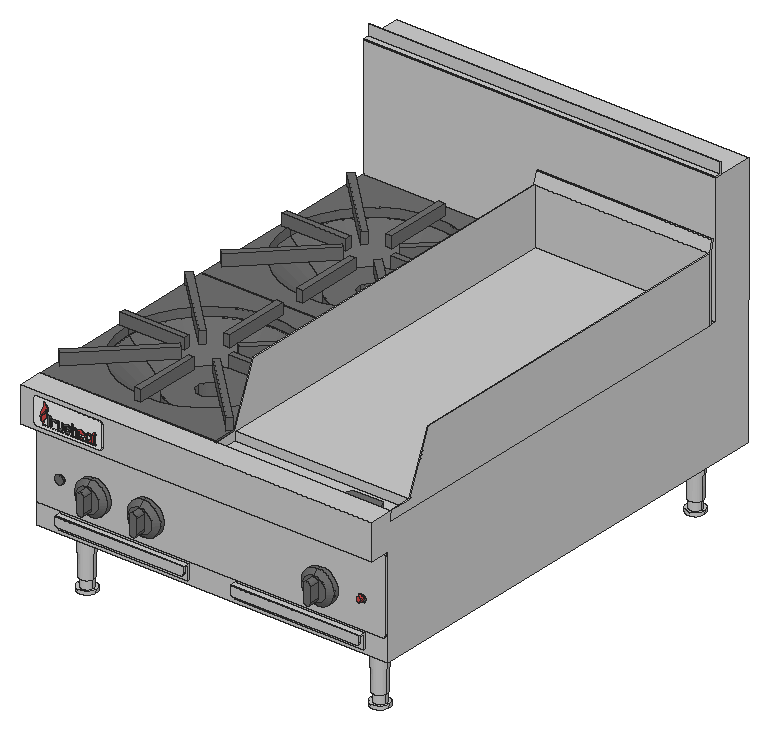
Revit family "QF_COMCATER ALL BRANDS_RCT6-2-3G", category Specialty Equipment, Revit 2014
Parameters (values of type "RCT6-2-3G_Natural Gas")
  URL Cutsheet = ""
  URL = ""
  Type Comments = "The Australian owned and designed* Trueheat RC Series of Gas Cooking Equipment has been developed for the restaurant and cafe market with a high quality finish, designed to fulfill the busy demands within a commercial kitchen.\r\nPowerful 24MJ/hr open burners with individual standing pilots included.\r\n100% Flame failure controls included as standard. Matt finish Euro look cast iron trivets radiate heat and design makes it easy to move pots around the surface.\r\n16mm thick steel griddle plate with 22.5MJ/hr burner per 300mm section.\r\nNote: Griddle is convertible to left hand side. Additional charges apply."
  Status [instance] = ""
  Specification by User [instance] = ""
  Specification by Manufacturer [instance] = ""
  Seismic Rating = ""
  SMACNA No = ""
  Revision Code [instance] = ""
  Nominal Gas power = 15400 W
  NAFEM Spec ID Number = ""
  Model = "RCT6-2-3G"
  Mechanical Connection Type [instance] = " "
  Masterspec = ""
  Manufacturer = "TRUEHEAT"
  Length Actual = 600 mm
  Item Number [instance] = ""
  Installed By [instance] = ""
  Identify Quantity as Lot [instance] = no
  Height Actual = 455 mm
  Gas power kW = 15.4
  Gas Size Flexible = 0 mm
  Gas Size = 19.05 mm
  Gas RI Height [instance] = 0 mm
  Gas Flow = 0.0 L/s
  Gas Connection Height [instance] = 115 mm
  Furnished By [instance] = ""
  Foodservice Equipment Identifier [instance] = yes
  Description = "2 BURNER COMBINATION MODULAR TOP"
  Depth Actual = 803 mm
  CSI MasterFormat = ""
  BTUH = 15400 W
  Assembly Code = "E1090320"
  Accessory = no
Types (2, lengths in mm): name | Gas Connection Height
  RCT6-2-3G_Natural Gas | 115
  RCT6-2-3G_LPG | 121
Reference planes
  plane 1 "Center (Front/Back)": y = 0
  plane 2: z = 0
  plane 3 "Center (Left/Right)": x = 0
Forms (mm)
  Extrusion 1, solid
    sketch origin (96, 0, 115) x (1, 0, 0) y (0, 1, 0)
      loop
        line (0, 0) -> (2, 0) -> (2, 2) -> (0, 2) -> (0, 0)
    from 0 to 2
Dimensions and locks
  aligned and locked: level to plane 2
Nested families
  nested 1: "QF_COMCATER ALL BRANDS_RCT6-2-3G_Natural Gas" at (0, 0, 100), type "RCT6-2-3G_Natural Gas"
    with Show Logo yes, Show Clearance yes
  nested 2: "QF_COMCATER_B05002-600" at (0, 0, 0), type "B05002-600"
    with Show Logo yes, Show Clearance yes
Connectors
  piping at (97, 2, 116), diameter 19.05, driven by "Gas Size", driven by "Gas Flow"
    settings: on Extrusion 1, index 1, connector inside diameter 609.6 mm, connector length 0 mm, flow factor 0, pipe flow 0.0 L/s, pressure drop 0.0 Pa, fitting loss kfactor 0, connector angle 0.00°, fixture units 0, engagement length 0 mm, angle of deflection 0.00°, flow configuration 1, flow direction 1, fitting loss method 0, system type 22, joint type 0, gender type 0, connector reference index -1, connector utility 0, adjustable connector no, is connector primary yes, connector description "Gas connection for 'RCT6-2-3G'"
Definition of nested family "QF_COMCATER ALL BRANDS_RCT6-2-3G_Natural Gas"
  Parameters (values of type "RCT6-2-3G_Natural Gas")
    URL = "www.comcater.com.au"
    Show Logo [instance] = yes
    Show Clearance [instance] = yes
    Model = "RCT6-2-3G"
    Manufacturer = "TRUEHEAT"
    Description = "2 BURNER COMBINATION MODULAR TOP"
    Assembly Code = "E1090320"
  Reference planes
    plane 1 "Back": y = 0
    plane 2: z = 0
    plane 3 "Left": x = 0
    plane 4 "Right": x = 600
    plane 5 "Front": y = -803
    plane 6 "Top": z = 455
  Forms (mm)
    Extrusion 1, solid
      sketch origin (0, 0, 2.5) x (0, 1, 0) y (0, 0, 1)
        loop
          line (0, 432.5) -> (-70, 432.5) -> (-70, 212.5) -> (-762.176, 212.5) -> (-762.176, 227.5) -> (-803, 227.5) -> (-803, 167.5) -> (-768, 167.5) -> (-768, -2.5) -> (0, -2.5) -> (0, 432.5)
      from 0 to 600
    Extrusion 2, solid
      sketch origin (-302.618, -768, 2.5) x (1, 0, 0) y (0, 0, 1)
        loop
          line (305.118, 160.5) -> (305.118, 40)
          arc (305.118, 40) -> (306.583, 36.464) -> (310.118, 35) r 5
          line (310.118, 35) -> (895.118, 35)
          arc (895.118, 35) -> (898.654, 36.464) -> (900.118, 40) r 5
          line (900.118, 40) -> (900.118, 160.5)
          arc (900.118, 160.5) -> (898.654, 164.036) -> (895.118, 165.5) r 5
          line (895.118, 165.5) -> (310.118, 165.5)
          arc (310.118, 165.5) -> (306.583, 164.036) -> (305.118, 160.5) r 5
      from 0 to 3
    Extrusion 3, solid, visible <- "Show Logo"
      sketch origin (30, -802.5, 9.763) x (1, 0, 0) y (0, 0, 1)
        loop
          line (98.5, 191.841) -> (96.5, 191.841) -> (96.5, 189.798) -> (95.026, 189.798) -> (95.026, 187.798) -> (96.5, 187.798) -> (96.5, 175.237) -> (98.5, 175.237) -> (98.5, 187.798) -> (100, 187.798) -> (100, 189.798) -> (98.5, 189.798) -> (98.5, 191.841)
        loop
          line (94, 187.798) -> (92, 187.798) -> (92, 186.56)
          arc (92, 186.56) -> (81.976, 181.518) -> (92, 176.475) r 6.28
          line (92, 176.475) -> (92, 175.237) -> (94, 175.237) -> (94, 187.798)
        loop
          arc (92, 183.592) -> (83.976, 181.518) -> (92, 179.443) r 4.28
          line (92, 179.443) -> (92, 183.592)
        loop
          line (65.446, 184.298) -> (65.446, 175.237) -> (67.446, 175.237) -> (67.446, 184.729)
          arc (67.446, 184.729) -> (64.497, 187.542) -> (60.446, 187.101) r 4.833
          line (60.446, 187.101) -> (60.446, 191.841) -> (58.446, 191.841) -> (58.446, 175.237) -> (60.446, 175.237) -> (60.446, 184.298)
          arc (60.446, 184.298) -> (62.946, 185.798) -> (65.446, 184.298) r 2.833
        loop
          arc (80.998, 181.518) -> (69.107, 184.34) -> (78.461, 176.475) r 6.28
          line (78.461, 176.475) -> (77.269, 178.081)
          arc (77.269, 178.081) -> (72.794, 177.694) -> (70.437, 181.518) r 4.28
          line (70.437, 181.518) -> (80.998, 181.518)
        loop
          arc (78.502, 183.518) -> (74.717, 185.798) -> (70.933, 183.518) r 4.28
          line (70.933, 183.518) -> (78.502, 183.518)
      from 0 to 2
    Extrusion 4, solid, visible <- "Show Logo"
      sketch origin (14.146, -802.5, 9.763) x (1, 0, 0) y (0, 0, 1)
        loop
          arc (70.804, 183.518) -> (67.02, 185.798) -> (63.236, 183.518) r 4.28
          line (63.236, 183.518) -> (70.804, 183.518)
        loop
          arc (73.3, 181.518) -> (61.409, 184.34) -> (70.764, 176.475) r 6.28
          line (70.764, 176.475) -> (69.572, 178.081)
          arc (69.572, 178.081) -> (65.096, 177.694) -> (62.74, 181.518) r 4.28
          line (62.74, 181.518) -> (73.3, 181.518)
        loop
          line (34.617, 191.841) -> (34.617, 189.798) -> (33.143, 189.798) -> (33.143, 187.798) -> (34.617, 187.798) -> (34.617, 175.237) -> (36.617, 175.237) -> (36.617, 187.798) -> (38.117, 187.798) -> (38.117, 189.798) -> (36.617, 189.798) -> (36.617, 191.841) -> (34.617, 191.841)
        loop
          arc (57.696, 178.737) -> (55.196, 177.237) -> (52.696, 178.737) r 2.833
          line (52.696, 178.737) -> (52.696, 187.798) -> (50.696, 187.798) -> (50.696, 178.307)
          arc (50.696, 178.307) -> (55.196, 175.237) -> (59.696, 178.307) r 4.833
          line (59.696, 178.307) -> (59.696, 187.798) -> (57.696, 187.798) -> (57.696, 178.737)
        loop
          line (41.117, 186.56) -> (41.117, 187.798) -> (39.117, 187.798) -> (39.117, 175.237) -> (41.117, 175.237) -> (41.117, 183.592)
          arc (41.117, 183.592) -> (44.587, 185.789) -> (48.31, 184.053) r 4.28
          line (48.31, 184.053) -> (49.735, 185.478)
          arc (49.735, 185.478) -> (45.643, 187.749) -> (41.117, 186.56) r 6.28
      from 0 to 2
    Extrusion 5, solid, visible <- "Show Logo"
      sketch origin (0, -802.5, 7.5) x (1, 0, 0) y (0, 0, 1)
        loop
          line (130, 176.5) -> (40, 176.5) -> (40, 175.5) -> (130, 175.5) -> (130, 176.5)
        loop
          arc (40, 177.5) -> (40.603, 181.061) -> (42.43, 184.177) r 10.013
          arc (42.43, 184.177) -> (44.457, 187.03) -> (45.914, 190.212) r 18.627
          arc (45.914, 190.212) -> (46.43, 193.956) -> (45.458, 197.608) r 9.58
          arc (45.458, 197.608) -> (44.352, 194.23) -> (41.979, 191.583) r 8.629
          arc (41.979, 191.583) -> (38.017, 184.959) -> (40, 177.5) r 9.924
        loop
          arc (39.054, 199.801) -> (35.351, 191.043) -> (36.701, 181.631) r 17.746
          arc (36.701, 181.631) -> (36.715, 187.191) -> (39.483, 192.014) r 10.848
          arc (39.483, 192.014) -> (42.461, 196.051) -> (44.165, 200.77) r 17.413
          arc (44.165, 200.77) -> (46.042, 199.588) -> (47.328, 197.781) r 5.718
          arc (47.328, 197.781) -> (46.772, 205.563) -> (40.995, 210.808) r 10.489
          arc (40.995, 210.808) -> (41.42, 205.059) -> (39.054, 199.801) r 11.727
      from 0 to 2
    Extrusion 6, solid, visible <- "Show Logo"
      sketch origin (0, -802, 7.5) x (1, 0, 0) y (0, 0, 1)
        loop
          line (29.373, 170.5) -> (135, 170.5)
          arc (135, 170.5) -> (138.536, 171.964) -> (140, 175.5) r 5
          line (140, 175.5) -> (140, 210.808)
          arc (140, 210.808) -> (138.536, 214.344) -> (135, 215.808) r 5
          line (135, 215.808) -> (29.373, 215.808)
          arc (29.373, 215.808) -> (25.837, 214.344) -> (24.373, 210.808) r 5
          line (24.373, 210.808) -> (24.373, 175.5)
          arc (24.373, 175.5) -> (25.837, 171.964) -> (29.373, 170.5) r 5
      from 0 to 2
    Extrusion 7, solid
      sketch origin (-3358.827, -656.5, -667.68) x (1, 0, 0) y (0, 1, 0)
        loop
          line (3503.813, 452.102) -> (3513.813, 452.102) -> (3513.813, 565.456) -> (3503.813, 565.456) -> (3503.813, 452.102)
        loop
          line (3546.914, 419) -> (3546.914, 409) -> (3656.627, 409) -> (3656.627, 419) -> (3546.914, 419)
        loop
          line (3470.712, 419) -> (3360.999, 419) -> (3360.999, 409) -> (3470.712, 409) -> (3470.712, 419)
        loop
          line (3474.8, 433.871) -> (3481.872, 440.942) -> (3367.316, 555.497) -> (3360.245, 548.426) -> (3474.8, 433.871)
        loop
          line (3535.755, 440.942) -> (3542.826, 433.871) -> (3657.381, 548.426) -> (3650.31, 555.497) -> (3535.755, 440.942)
        loop
          line (3503.813, 375.899) -> (3503.813, 262.545) -> (3513.813, 262.545) -> (3513.813, 375.899) -> (3503.813, 375.899)
        loop
          line (3474.8, 394.13) -> (3360.245, 279.574) -> (3367.316, 272.503) -> (3481.872, 387.059) -> (3474.8, 394.13)
        loop
          line (3535.755, 387.059) -> (3650.31, 272.503) -> (3657.381, 279.574) -> (3542.826, 394.13) -> (3535.755, 387.059)
      from 897.68 to 916.73
    Extrusion 8, solid
      sketch origin (-3358.827, -656.5, -662.976) x (1, 0, 0) y (0, 1, 0)
        loop
          line (3658.827, 586.5) -> (3358.827, 586.5) -> (3358.827, 241.5) -> (3658.827, 241.5) -> (3658.827, 586.5)
        loop
          circle (3508.813, 414.196) r 139
      from 877.976 to 892.976
    Revolve 9, solid
      sketch origin (196.557, 8, -489.263) x (0, 1, 0) y (0, 0, -1)
        loop
          line (-786.003, -575.513) -> (-786.003, -547.176) -> (-793.012, -547.176) -> (-801, -555.163) -> (-801, -575.513) -> (-786.003, -575.513)
        axis (-786.003, -575.513) -> (-801, -575.513)
      angle from 0 to 360
    Extrusion 10, solid
      sketch origin (569.238, -780, -1413.928) x (0.707107, 0, -0.707107) y (-0.707107, 0, -0.707107)
        loop
          line (-1328.297, -810.227) -> (-1311.344, -793.275)
          arc (-1311.344, -793.275) -> (-1311.344, -784.294) -> (-1320.325, -784.294) r 6.35
          line (-1320.325, -784.294) -> (-1337.277, -801.247)
          arc (-1337.277, -801.247) -> (-1337.277, -810.227) -> (-1328.297, -810.227) r 6.35
      from -13 to -28
    Revolve 11, solid
      sketch origin (106.557, 8, -489.263) x (0, 1, 0) y (0, 0, -1)
        loop
          line (-786.003, -575.513) -> (-786.003, -547.176) -> (-793.012, -547.176) -> (-801, -555.163) -> (-801, -575.513) -> (-786.003, -575.513)
        axis (-786.003, -575.513) -> (-801, -575.513)
      angle from 0 to 360
    Extrusion 12, solid
      sketch origin (479.238, -780, -1413.928) x (0.707107, 0, -0.707107) y (-0.707107, 0, -0.707107)
        loop
          line (-1328.297, -810.227) -> (-1311.344, -793.275)
          arc (-1311.344, -793.275) -> (-1311.344, -784.294) -> (-1320.325, -784.294) r 6.35
          line (-1320.325, -784.294) -> (-1337.277, -801.247)
          arc (-1337.277, -801.247) -> (-1337.277, -810.227) -> (-1328.297, -810.227) r 6.35
      from -13 to -28
    Extrusion 13, solid
      sketch origin (-3358.827, -173.5, -667.68) x (1, 0, 0) y (0, 1, 0)
        loop
          line (3503.813, -452.102) -> (3503.813, -565.456) -> (3513.813, -565.456) -> (3513.813, -452.102) -> (3503.813, -452.102)
        loop
          line (3546.914, -419) -> (3656.627, -419) -> (3656.627, -409) -> (3546.914, -409) -> (3546.914, -419)
        loop
          line (3470.712, -419) -> (3470.712, -409) -> (3360.999, -409) -> (3360.999, -419) -> (3470.712, -419)
        loop
          line (3474.8, -433.871) -> (3360.245, -548.426) -> (3367.316, -555.497) -> (3481.872, -440.942) -> (3474.8, -433.871)
        loop
          line (3535.755, -440.942) -> (3650.31, -555.497) -> (3657.381, -548.426) -> (3542.826, -433.871) -> (3535.755, -440.942)
        loop
          line (3503.813, -375.899) -> (3513.813, -375.899) -> (3513.813, -262.545) -> (3503.813, -262.545) -> (3503.813, -375.899)
        loop
          line (3474.8, -394.13) -> (3481.872, -387.059) -> (3367.316, -272.503) -> (3360.245, -279.574) -> (3474.8, -394.13)
        loop
          line (3535.755, -387.059) -> (3542.826, -394.13) -> (3657.381, -279.574) -> (3650.31, -272.503) -> (3535.755, -387.059)
      from 897.68 to 916.73
    Extrusion 14, solid
      sketch origin (-3358.827, -173.5, -662.976) x (1, 0, 0) y (0, 1, 0)
        loop
          line (3658.827, -586.5) -> (3658.827, -241.5) -> (3358.827, -241.5) -> (3358.827, -586.5) -> (3658.827, -586.5)
        loop
          circle (3508.813, -414.196) r 139
      from 877.976 to 892.976
    Extrusion 15, solid
      sketch origin (-1.781, -5, -680) x (1, 0, 0) y (0, 0, 1)
        loop
          circle (108.338, 766.25) r 8
      from 766 to 773.003
    Extrusion 16, solid
      sketch origin (88.219, -5, -680) x (1, 0, 0) y (0, 0, 1)
        loop
          circle (108.338, 766.25) r 8
      from 766 to 773.003
    Extrusion 17, solid
      sketch origin (182.5, -778, 2.5) x (-1, 0, 0) y (0, 0, -1)
        loop
          line (-77.5, -20) -> (-77.5, -30) -> (142.5, -30) -> (142.5, -20)
          arc (142.5, -20) -> (141.036, -16.464) -> (137.5, -15) r 5
          line (137.5, -15) -> (-72.5, -15)
          arc (-72.5, -15) -> (-76.036, -16.464) -> (-77.5, -20) r 5
      from 0 to 2
    Extrusion 18, solid
      sketch origin (182.5, -2, 2.5) x (0, 1, 0) y (0, 0, -1)
        loop
          line (-776, -30) -> (-766, -30) -> (-766, -4.971) -> (-768.029, -4.971) -> (-768.029, -27.971) -> (-776, -27.971) -> (-776, -30)
      from -77.5 to 142.5
    Extrusion 19, solid, visible <- "Show Clearance", detail levels coarse
      sketch origin (25, -2, -680) x (0, 1, 0) y (0, 0, 1)
        loop
          line (-768.029, 687.471) -> (-768.029, 712.5) -> (-1199, 712.5) -> (-1199, 687.471) -> (-768.029, 687.471)
      from 15 to 235
    Blend 20, void
      base sketch origin (-302.618, 0, -35) x (1, 0, 0) y (0, 1, 0)
        loop
          circle (451.186, -242.304) r 70
      top sketch origin (-302.618, 0, 0) x (1, 0, 0) y (0, 1, 0)
        loop
          circle (451.186, -242.304) r 140
      from 185 to 215
    Blend 21, void
      base sketch origin (-302.618, -345.392, -35) x (1, 0, 0) y (0, 1, 0)
        loop
          circle (451.186, -242.304) r 70
      top sketch origin (-302.618, -345.392, 0) x (1, 0, 0) y (0, 1, 0)
        loop
          circle (451.186, -242.304) r 140
      from 185 to 215
    Extrusion 22, solid
      sketch origin (-301.2, 0, 150) x (1, 0, 0) y (0, 1, 0)
        loop
          circle (451.186, -242.304) r 65
        loop
          circle (451.186, -242.304) r 20
      from 0 to 30
    Extrusion 23, solid
      sketch origin (-301.2, -345, 150) x (1, 0, 0) y (0, 1, 0)
        loop
          circle (451.186, -242.304) r 65
        loop
          circle (451.186, -242.304) r 20
      from 0 to 30
    Extrusion 24, solid
      sketch origin (0, -23, 0) x (0, 1, 0) y (0, 0, 1)
        loop
          line (-47, 435) -> (-35, 435) -> (-35, 455) -> (-37, 455) -> (-37, 437) -> (-47, 437) -> (-47, 435)
      from 0 to 600
    Extrusion 25, solid
      sketch origin (96, 10, -828) x (1, 0, 0) y (0, 0, 1)
        loop
          circle (0, 850) r 9.3
      from 0 to 10
    Extrusion 26, solid
      sketch origin (0, -771, -680) x (1, 0, 0) y (0, 0, 1)
        loop
          circle (42.5, 766.25) r 7.5
      from 0 to 2
    Sweep 27, solid
      path origin (-301.2, 0, -680) x (1, 0, 0) y (0, 1, 0)
        loop
          circle (451.186, -587.5) r 139
      profile origin (149.986, -448.5, -680) x (0, -1, 0) y (0, 0, 1)
        loop
          line (-0.987, 895) -> (69.013, 830) -> (70.013, 830) -> (71.013, 830) -> (1.013, 895) -> (-0.987, 895)
    Sweep 28, solid
      path origin (-301.2, 345.392, -680) x (1, 0, 0) y (0, 1, 0)
        loop
          circle (451.186, -587.5) r 139
      profile origin (149.986, -103.108, -680) x (0, -1, 0) y (0, 0, 1)
        loop
          line (-0.987, 895) -> (69.013, 830) -> (70.013, 830) -> (71.013, 830) -> (1.013, 895) -> (-0.987, 895)
    Extrusion 29, solid, visible <- "Show Clearance", detail levels coarse
      sketch origin (0, 0, 0) x (1, 0, 0) y (0, 1, 0)
        loop
          line (750, 150) -> (-150, 150) -> (-150, -803) -> (0, -803) -> (0, 0) -> (600, 0) -> (600, -803) -> (750, -803) -> (750, 150)
      from 0 to 455
    Extrusion 30, solid
      sketch origin (300, 0, 2.5) x (0, 1, 0) y (0, 0, 1)
        loop
          line (-77.071, 341.25) -> (-82.176, 322.195) -> (-82.176, 212.5) -> (-80.176, 212.5) -> (-80.176, 321.931) -> (-75, 341.25) -> (-77.071, 341.25)
      from 0 to 300
    Extrusion 31, solid
      sketch origin (300, 0, 2.5) x (0, 1, 0) y (0, 0, 1)
        loop
          line (-82.176, 322.195) -> (-682.176, 322.195) -> (-722.176, 227.5) -> (-762.176, 227.5) -> (-762.176, 212.5) -> (-82.176, 212.5) -> (-82.176, 322.195)
      from 0 to 2
    Extrusion 32, solid
      sketch origin (598, 0, 2.5) x (0, 1, 0) y (0, 0, 1)
        loop
          line (-82.176, 322.195) -> (-682.176, 322.195) -> (-722.176, 227.5) -> (-762.176, 227.5) -> (-762.176, 212.5) -> (-82.176, 212.5) -> (-82.176, 322.195)
      from 0 to 2
    Extrusion 33, solid
      sketch origin (295.5, -360, -12.5) x (1, 0, 0) y (0, 0, 1)
        loop
          line (6.5, 227.5) -> (302.5, 227.5) -> (302.5, 242.5) -> (6.5, 242.5) -> (6.5, 227.5)
      from -277.824 to 362.176
    Extrusion 34, solid
      sketch origin (180.5, 20, 215) x (1, 0, 0) y (0, 1, 0)
        loop
          line (377.5, -752.176) -> (337.5, -752.176)
          arc (337.5, -752.176) -> (327.5, -762.176) -> (337.5, -772.176) r 10
          line (337.5, -772.176) -> (377.5, -772.176)
          arc (377.5, -772.176) -> (387.5, -762.176) -> (377.5, -752.176) r 10
      from 0 to 2
    Revolve 35, solid
      sketch origin (557.5, -5.011, -56.377) x (0, 1, 0) y (0, 0, 1)
        loop
          line (-763, 142.627) -> (-763, 150.127) -> (-765.011, 150.127) -> (-767, 146.627) -> (-767, 142.627) -> (-763, 142.627)
        axis (-767, 142.627) -> (-763, 142.627)
      angle from 0 to 360
    Extrusion 36, solid
      sketch origin (557.5, -5.011, -56.377) x (1, 0, 0) y (0, 0, 1)
        loop
          circle (0, 142.627) r 4
      from 772.997 to 767
    Revolve 37, solid
      sketch origin (493.443, 8, -489.263) x (0, 1, 0) y (0, 0, 1)
        loop
          line (-786.003, 575.513) -> (-801, 575.513) -> (-801, 555.163) -> (-793.012, 547.176) -> (-786.003, 547.176) -> (-786.003, 575.513)
        axis (-786.003, 575.513) -> (-801, 575.513)
      angle from 0 to 360
    Extrusion 38, solid
      sketch origin (120.762, -780, -1413.928) x (-0.707107, 0, -0.707107) y (-0.707107, 0, 0.707107)
        loop
          arc (-1328.297, 810.227) -> (-1337.277, 810.227) -> (-1337.277, 801.247) r 6.35
          line (-1337.277, 801.247) -> (-1320.325, 784.294)
          arc (-1320.325, 784.294) -> (-1311.344, 784.294) -> (-1311.344, 793.275) r 6.35
          line (-1311.344, 793.275) -> (-1328.297, 810.227)
      from -13 to -28
    Extrusion 39, solid
      sketch origin (601.781, -5, -680) x (-1, 0, 0) y (0, 0, -1)
        loop
          circle (108.338, -766.25) r 8
      from 766 to 773.003
    Extrusion 40, solid
      sketch origin (417.5, -778, 2.5) x (1, 0, 0) y (0, 0, 1)
        loop
          arc (-77.5, 20) -> (-76.036, 16.464) -> (-72.5, 15) r 5
          line (-72.5, 15) -> (137.5, 15)
          arc (137.5, 15) -> (141.036, 16.464) -> (142.5, 20) r 5
          line (142.5, 20) -> (142.5, 30) -> (-77.5, 30) -> (-77.5, 20)
      from 0 to 2
    Extrusion 41, solid
      sketch origin (417.5, -2, 2.5) x (0, 1, 0) y (0, 0, 1)
        loop
          line (-776, 30) -> (-776, 27.971) -> (-768.029, 27.971) -> (-768.029, 4.971) -> (-766, 4.971) -> (-766, 30) -> (-776, 30)
      from -77.5 to 142.5
    Extrusion 42, solid, visible <- "Show Clearance", detail levels coarse
      sketch origin (575, -2, -680) x (0, 1, 0) y (0, 0, -1)
        loop
          line (-768.029, -687.471) -> (-1199, -687.471) -> (-1199, -712.5) -> (-768.029, -712.5) -> (-768.029, -687.471)
      from 15 to 235
  Cuts and joins
    Blend 20, Blend 21 cuts Extrusion 1
  Lines and regions (mm)
    symbolic lines, style "200-EquipBorder-2D"
      curve 1: line (0, 0, 0) -> (600, 0, 0)
      curve 2: line (600, -803, 0) -> (0, -803, 0)
      curve 6: line (0, 0, 0) -> (0, -803, 0)
      curve 7: line (600, -803, 0) -> (600, 0, 0)
      curve 106: line (86.7, 10, 0) -> (105.3, 10, 0)
      curve 107: line (105.3, 10, 0) -> (105.3, 0, 0)
      curve 108: line (86.7, 10, 0) -> (86.7, 0, 0)
      curve 130: line (0, -70, 0) -> (600, -70, 0)
    symbolic lines, style "QF_Door-Drawer Clearances", visible <- "Show Clearance"
      curve 3: line (260, -1201, 0) -> (260, -803, 0)
      curve 4: line (40, -1201, 0) -> (260, -1201, 0)
      curve 5: line (40, -1201, 0) -> (40, -803, 0)
      curve 115: line (560, -1201, 0) -> (560, -803, 0)
      curve 116: line (340, -1201, 0) -> (560, -1201, 0)
      curve 117: line (340, -1201, 0) -> (340, -803, 0)
    symbolic lines, style "200-EquipInternal-2D"
      curve 8: line (291.483, -101.003, 0) -> (176.928, -215.558, 0)
      curve 9: line (183.999, -222.629, 0) -> (298.554, -108.074, 0)
      curve 10: line (154.986, -204.399, 0) -> (154.986, -91.045, 0)
      curve 11: line (144.986, -91.045, 0) -> (144.986, -204.399, 0)
      curve 12: line (123.044, -215.558, 0) -> (8.489, -101.003, 0)
      curve 13: line (1.418, -108.074, 0) -> (115.973, -222.629, 0)
      curve 14: line (111.885, -237.5, 0) -> (2.172, -237.5, 0)
      curve 15: line (2.172, -247.5, 0) -> (111.885, -247.5, 0)
      curve 16: line (115.973, -262.371, 0) -> (1.418, -376.926, 0)
      curve 17: line (8.489, -383.997, 0) -> (123.044, -269.442, 0)
      curve 18: line (154.986, -393.955, 0) -> (154.986, -280.601, 0)
      curve 19: line (144.986, -280.601, 0) -> (144.986, -393.955, 0)
      curve 20: line (176.928, -269.442, 0) -> (291.483, -383.997, 0)
      curve 21: line (298.554, -376.926, 0) -> (183.999, -262.371, 0)
      curve 22: line (188.087, -247.5, 0) -> (297.8, -247.5, 0)
      curve 23: line (297.8, -237.5, 0) -> (188.087, -237.5, 0)
      curve 24: line (176.928, -215.558, 0) -> (183.999, -222.629, 0)
      curve 25: line (144.986, -204.399, 0) -> (154.986, -204.399, 0)
      curve 26: line (111.885, -247.5, 0) -> (111.885, -237.5, 0)
      curve 27: line (115.973, -222.629, 0) -> (123.044, -215.558, 0)
      curve 28: line (123.044, -269.442, 0) -> (115.973, -262.371, 0)
      curve 29: line (154.986, -280.601, 0) -> (144.986, -280.601, 0)
      curve 30: line (188.087, -237.5, 0) -> (188.087, -247.5, 0)
      curve 31: line (183.999, -262.371, 0) -> (176.928, -269.442, 0)
      curve 32: line (8.489, -101.003, 0) -> (1.418, -108.074, 0)
      curve 33: line (154.986, -91.045, 0) -> (144.986, -91.045, 0)
      curve 34: line (2.172, -237.5, 0) -> (2.172, -247.5, 0)
      curve 35: line (1.418, -376.926, 0) -> (8.489, -383.997, 0)
      curve 36: line (144.986, -393.955, 0) -> (154.986, -393.955, 0)
      curve 37: line (291.483, -383.997, 0) -> (298.554, -376.926, 0)
      curve 38: line (297.8, -247.5, 0) -> (297.8, -237.5, 0)
      curve 39: line (298.554, -108.074, 0) -> (291.483, -101.003, 0)
      curve 40: arc (144.986, -177.496, 0) -> (122.756, -183.283, 0) -> (103.926, -196.44, 0) r 65
      curve 41: arc (97.418, -204.074, 0) -> (88.958, -219.932, 0) -> (85.164, -237.5, 0) r 65
      curve 42: arc (154.986, -177.496, 0) -> (177.217, -183.283, 0) -> (196.046, -196.44, 0) r 65
      curve 43: arc (202.555, -204.074, 0) -> (211.015, -219.932, 0) -> (214.808, -237.5, 0) r 65
      curve 44: circle (149.986, -242.304, 0) r 20 normal (0, 0, 1)
      curve 45: arc (144.986, -307.504, 0) -> (122.756, -301.717, 0) -> (103.926, -288.56, 0) r 65
      curve 46: arc (97.418, -280.926, 0) -> (88.958, -265.068, 0) -> (85.164, -247.5, 0) r 65
      curve 47: arc (154.986, -307.504, 0) -> (177.217, -301.717, 0) -> (196.046, -288.56, 0) r 65
      curve 48: arc (202.555, -280.926, 0) -> (211.015, -265.068, 0) -> (214.808, -247.5, 0) r 65
      curve 49: line (291.483, -446.003, 0) -> (176.928, -560.558, 0)
      curve 50: line (183.999, -567.629, 0) -> (298.554, -453.074, 0)
      curve 51: line (154.986, -549.399, 0) -> (154.986, -436.045, 0)
      curve 52: line (144.986, -436.045, 0) -> (144.986, -549.399, 0)
      curve 53: line (123.044, -560.558, 0) -> (8.489, -446.003, 0)
      curve 54: line (1.418, -453.074, 0) -> (115.973, -567.629, 0)
      curve 55: line (111.885, -582.5, 0) -> (2.172, -582.5, 0)
      curve 56: line (2.172, -592.5, 0) -> (111.885, -592.5, 0)
      curve 57: line (115.973, -607.371, 0) -> (1.418, -721.926, 0)
      curve 58: line (8.489, -728.997, 0) -> (123.044, -614.442, 0)
      curve 59: line (154.986, -738.955, 0) -> (154.986, -625.601, 0)
      curve 60: line (144.986, -625.601, 0) -> (144.986, -738.955, 0)
      curve 61: line (176.928, -614.442, 0) -> (291.483, -728.997, 0)
      curve 62: line (298.554, -721.926, 0) -> (183.999, -607.371, 0)
      curve 63: line (188.087, -592.5, 0) -> (297.8, -592.5, 0)
      curve 64: line (297.8, -582.5, 0) -> (188.087, -582.5, 0)
      curve 65: line (176.928, -560.558, 0) -> (183.999, -567.629, 0)
      curve 66: line (144.986, -549.399, 0) -> (154.986, -549.399, 0)
      curve 67: line (111.885, -592.5, 0) -> (111.885, -582.5, 0)
      curve 68: line (115.973, -567.629, 0) -> (123.044, -560.558, 0)
      curve 69: line (123.044, -614.442, 0) -> (115.973, -607.371, 0)
      curve 70: line (154.986, -625.601, 0) -> (144.986, -625.601, 0)
      curve 71: line (188.087, -582.5, 0) -> (188.087, -592.5, 0)
      curve 72: line (183.999, -607.371, 0) -> (176.928, -614.442, 0)
      curve 73: line (8.489, -446.003, 0) -> (1.418, -453.074, 0)
      curve 74: line (154.986, -436.045, 0) -> (144.986, -436.045, 0)
      curve 75: line (2.172, -582.5, 0) -> (2.172, -592.5, 0)
      curve 76: line (1.418, -721.926, 0) -> (8.489, -728.997, 0)
      curve 77: line (144.986, -738.955, 0) -> (154.986, -738.955, 0)
      curve 78: line (291.483, -728.997, 0) -> (298.554, -721.926, 0)
      curve 79: line (297.8, -592.5, 0) -> (297.8, -582.5, 0)
      curve 80: line (298.554, -453.074, 0) -> (291.483, -446.003, 0)
      curve 81: arc (144.986, -522.496, 0) -> (122.756, -528.283, 0) -> (103.926, -541.44, 0) r 65
      curve 82: arc (97.418, -549.074, 0) -> (88.958, -564.932, 0) -> (85.164, -582.5, 0) r 65
      curve 83: arc (154.986, -522.496, 0) -> (177.217, -528.283, 0) -> (196.046, -541.44, 0) r 65
      curve 84: arc (202.555, -549.074, 0) -> (211.015, -564.932, 0) -> (214.808, -582.5, 0) r 65
      curve 85: circle (149.986, -587.304, 0) r 20 normal (0, 0, 1)
      curve 86: arc (144.986, -652.504, 0) -> (122.756, -646.717, 0) -> (103.926, -633.56, 0) r 65
      curve 87: arc (97.418, -625.926, 0) -> (88.958, -610.068, 0) -> (85.164, -592.5, 0) r 65
      curve 88: arc (154.986, -652.504, 0) -> (177.217, -646.717, 0) -> (196.046, -633.56, 0) r 65
      curve 89: arc (202.555, -625.926, 0) -> (211.015, -610.068, 0) -> (214.808, -592.5, 0) r 65
      curve 90: arc (154.986, -448.786, 0) -> (205.394, -460.252, 0) -> (248.095, -489.391, 0) r 138.608
      curve 91: arc (288.7, -582.5, 0) -> (279.216, -536.666, 0) -> (255.037, -496.591, 0) r 138.797
      curve 92: arc (144.986, -448.786, 0) -> (94.578, -460.252, 0) -> (51.878, -489.391, 0) r 138.608
      curve 93: arc (11.272, -582.5, 0) -> (20.756, -536.666, 0) -> (44.935, -496.591, 0) r 138.797
      curve 94: arc (154.986, -726.214, 0) -> (205.394, -714.748, 0) -> (248.095, -685.609, 0) r 138.608
      curve 95: arc (288.7, -592.5, 0) -> (279.216, -638.334, 0) -> (255.037, -678.409, 0) r 138.797
      curve 96: arc (144.986, -726.214, 0) -> (94.578, -714.748, 0) -> (51.878, -685.609, 0) r 138.608
      curve 97: arc (11.272, -592.5, 0) -> (20.756, -638.334, 0) -> (44.935, -678.409, 0) r 138.797
      curve 98: arc (154.986, -103.394, 0) -> (205.394, -114.86, 0) -> (248.095, -143.999, 0) r 138.608
      curve 99: arc (288.7, -237.108, 0) -> (279.216, -191.274, 0) -> (255.037, -151.199, 0) r 138.797
      curve 100: arc (144.986, -103.394, 0) -> (94.578, -114.86, 0) -> (51.878, -143.999, 0) r 138.608
      curve 101: arc (11.272, -237.108, 0) -> (20.756, -191.274, 0) -> (44.935, -151.199, 0) r 138.797
      curve 102: arc (154.986, -380.821, 0) -> (205.394, -369.355, 0) -> (248.095, -340.216, 0) r 138.608
      curve 103: arc (288.7, -247.108, 0) -> (279.216, -292.941, 0) -> (255.037, -333.017, 0) r 138.797
      curve 104: arc (144.986, -380.821, 0) -> (94.578, -369.355, 0) -> (51.878, -340.216, 0) r 138.608
      curve 105: arc (11.272, -247.108, 0) -> (20.756, -292.941, 0) -> (44.935, -333.017, 0) r 138.797
      curve 112: line (300, -415, 0) -> (0, -415, 0)
      curve 113: line (600, -762.176, 0) -> (0, -762.176, 0)
      curve 114: line (0, -760, 0) -> (600, -760, 0)
      curve 118: line (558, -732.176, 0) -> (518, -732.176, 0)
      curve 119: arc (518, -732.176, 0) -> (508, -742.176, 0) -> (518, -752.176, 0) r 10
      curve 120: line (518, -752.176, 0) -> (558, -752.176, 0)
      curve 121: arc (558, -752.176, 0) -> (568, -742.176, 0) -> (558, -732.176, 0) r 10
      curve 122: line (302, -722.176, 0) -> (598, -722.176, 0)
      curve 123: line (300, -70, 0) -> (300, -760, 0)
      curve 124: line (302, -760, 0) -> (302, -82.176, 0)
      curve 125: line (598, -82.176, 0) -> (598, -760, 0)
      curve 126: line (0, -60, 0) -> (600, -60, 0)
      curve 127: line (600, -58, 0) -> (0, -58, 0)
      curve 128: line (600, -75, 0) -> (300, -75, 0)
      curve 129: line (302, -82.176, 0) -> (598, -82.176, 0)
    symbolic lines, style "QF_Clearances", visible <- "Show Clearance"
      curve 109: line (-150, -803, 0) -> (-150, 150, 0)
      curve 110: line (-150, 150, 0) -> (750, 150, 0)
      curve 111: line (750, 150, 0) -> (750, -803, 0)
  Dimensions and locks
    plane 1 "Back" to plane 5 "Front" = 803 mm
    plane 6 "Top" to level = 455 mm  (x2)
    plane 3 "Left" to plane 4 "Right" = 600 mm
    plane 5 "Front" to plane 1 "Back" = 803 mm
    plane 4 "Right" to plane 3 "Left" = 600 mm
    aligned and locked: level to plane 2
  Connectors
    piping at (96, 10, 22), diameter 19
      settings: on Extrusion 25, index 1, connector inside diameter 609.6 mm, connector length 0 mm, flow factor 0, pipe flow 0.0 L/s, pressure drop 0.0 Pa, fitting loss kfactor 0, connector angle 0.00°, fixture units 0, engagement length 0 mm, angle of deflection 0.00°, flow configuration 1, flow direction 1, fitting loss method 0, system type 22, joint type 0, gender type 0, connector reference index -1, connector utility 0, adjustable connector no, is connector primary yes, connector description "Gas Inlet"
Definition of nested family "QF_COMCATER_B05002-600"
  Parameters (values of type "B05002-600")
    URL = ""
    Type Comments = ""
    Show Logo [instance] = yes
    Show Clearance [instance] = yes
    Model = "B05002"
    Manufacturer = "TRUEHEAT"
    Length Actual = 600 mm
    Height Actual = 100 mm
    Description = "ADJUSTABLE LEG FOR RCT COUNTERTOP MOUNTING 600MM"
    Depth Actual = 803 mm
    Assembly Code = "E1090320"
    Accessory = yes
  Reference planes
    plane 1 "Back": y = 0
    plane 2: z = 0
    plane 3 "Left": x = 0
    plane 4 "Right": x = 600
    plane 5 "Front": y = -803
    plane 6 "Top": z = 100
  Forms (mm)
    Revolve 1, solid
      sketch origin (0, -50, 0) x (1, 0, 0) y (0, 0, 1)
        loop
          line (50, 0) -> (65.5, 0) -> (65.5, 5) -> (60, 5) -> (60, 20) -> (62, 20) -> (63.5, 95) -> (65.5, 95) -> (65.5, 100) -> (50, 100) -> (50, 0)
        axis (50, 0) -> (50, 100)
      angle from 0 to 360
    Revolve 2, solid
      sketch origin (0, -723, 0) x (1, 0, 0) y (0, 0, -1)
        loop
          line (50, 0) -> (50, -100) -> (65.5, -100) -> (65.5, -95) -> (63.5, -95) -> (62, -20) -> (60, -20) -> (60, -5) -> (65.5, -5) -> (65.5, 0) -> (50, 0)
        axis (50, 0) -> (50, -100)
      angle from 0 to 360
    Revolve 3, solid
      sketch origin (600, -50, 0) x (-1, 0, 0) y (0, 0, -1)
        loop
          line (50, 0) -> (50, -100) -> (65.5, -100) -> (65.5, -95) -> (63.5, -95) -> (62, -20) -> (60, -20) -> (60, -5) -> (65.5, -5) -> (65.5, 0) -> (50, 0)
        axis (50, 0) -> (50, -100)
      angle from 0 to 360
    Revolve 4, solid
      sketch origin (600, -723, 0) x (-1, 0, 0) y (0, 0, 1)
        loop
          line (50, 0) -> (65.5, 0) -> (65.5, 5) -> (60, 5) -> (60, 20) -> (62, 20) -> (63.5, 95) -> (65.5, 95) -> (65.5, 100) -> (50, 100) -> (50, 0)
        axis (50, 0) -> (50, 100)
      angle from 0 to 360
  Dimensions and locks
    plane 5 "Front" to plane 1 "Back" = 803 mm
    plane 6 "Top" to level = 100 mm
    plane 3 "Left" to plane 4 "Right" = 600 mm
    aligned and locked: level to plane 2
